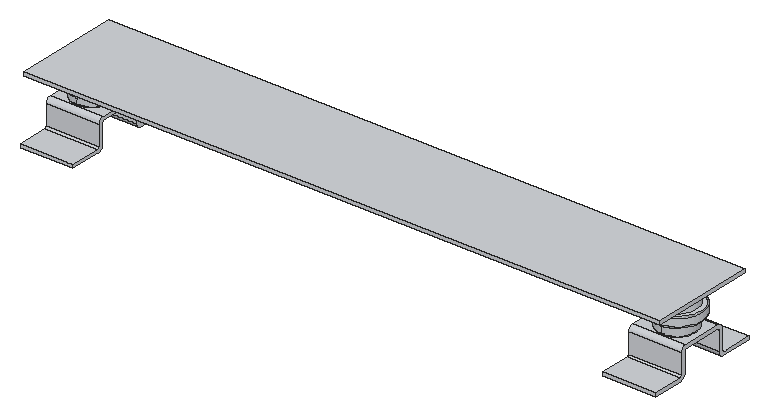
Revit family "Ground Bar", category Generic Models, host Face, Revit 2017
Family settings
  Host = Face
  Can host rebar = No
  Round Connector Dimension = Use Diameter
  Part Type = Normal
  Cut with Voids When Loaded = No
  Shared = No
  Room Calculation Point = No
Parameters
  Thickness [instance] = 0' - 0 1/8"
  Width [instance] = 2' - 0"
  Mounting Hardware [instance] = ""
  Lug Spacing [instance] = 0' - 2"
  Lug Count [instance] = Width / 0' 2" - 1  # 11
  Edge to Lug [instance] = 0' - 2"
  Distance Off Wall [instance] = 0' - 2.3528"
  Distance Between Lugs [instance] = 0' - 2"
  Depth [instance] = 0' - 4"
  Default Elevation = 4' - 0"
  Catalog # [instance] = ""
Reference planes (in)
  plane 1 "Center (Front/Back)": y = 0
  plane 2: z = 0
  plane 3 "Center (Left/Right)": x = 0
  plane 4: x = -12
  plane 5: x = 12
  plane 6: y = 2
  plane 7: y = -2
  plane 8: z = 2.4778
  plane 9: z = 2.3528
  plane 10: x = -10
  plane 11: x = -8
  plane 12: x = -6
  plane 13: x = -4
  plane 14: x = -2
  plane 15: x = 0
  plane 16: x = 2
  plane 17: x = 4
  plane 18: x = 6
  plane 19: x = 8
  plane 20: x = 10
  plane 21: x = -11.05977
  plane 22: x = -10
  plane 23: x = 11.05977
  plane 24: x = 10
Forms (in)
  Extrusion 1, solid
    sketch origin (0, 101, 2.3528) x (0, 1, 0) y (-1, 0, 0)
      loop
        line (-99, 12) -> (-103, 12) -> (-103, -12) -> (-99, -12) -> (-99, 12)
    from 0 to 0.125
  Revolve 2, solid
    sketch origin (-11.05977, 4.95402, 48) x (0, 1, 0) y (0, 0, 1)
      loop
        line (-5.69402, -46.073) -> (-5.87532, -46.073)
        arc (-5.87532, -46.073) -> (-5.89425, -46.08392) -> (-5.89425, -46.10577) r 0.02185
        line (-5.89425, -46.10577) -> (-5.89425, -46.40473)
        arc (-5.89425, -46.40473) -> (-5.88765, -46.42065) -> (-5.87173, -46.42724) r 0.02251
        line (-5.87173, -46.42724) -> (-5.69393, -46.42724) -> (-5.66086, -46.86277)
        arc (-5.66086, -46.86277) -> (-5.64722, -46.87261) -> (-5.63058, -46.875) r 0.03518
        line (-5.63058, -46.875) -> (-4.95402, -46.875) -> (-4.95402, -45.625) -> (-5.63949, -45.625)
        arc (-5.63949, -45.625) -> (-5.65518, -45.6315) -> (-5.66168, -45.6472) r 0.0222
        line (-5.66168, -45.6472) -> (-5.69402, -46.073)
      axis (-4.95402, -45.625) -> (-4.95402, -46.875)
    angle from 0 to 360
  Extrusion 3, solid
    sketch origin (0, 0, 2.375) x (0, 1, 0) y (0, 0, 1)
      loop
        arc (0.82815, -2.1875) -> (0.88307, -2.32008) -> (1.01565, -2.375) r 0.1875
        line (1.01565, -2.375) -> (2.18755, -2.375) -> (2.18755, -2.25) -> (1.01565, -2.25)
        arc (1.01565, -2.25) -> (0.97146, -2.23169) -> (0.95315, -2.1875) r 0.0625
        line (0.95315, -2.1875) -> (0.95315, -1.4375)
        arc (0.95315, -1.4375) -> (0.89823, -1.30492) -> (0.76565, -1.25) r 0.1875
        line (0.76565, -1.25) -> (-0.76565, -1.25)
        arc (-0.76565, -1.25) -> (-0.89823, -1.30492) -> (-0.95315, -1.4375) r 0.1875
        line (-0.95315, -1.4375) -> (-0.95315, -2.1875)
        arc (-0.95315, -2.1875) -> (-0.97146, -2.23169) -> (-1.01565, -2.25) r 0.0625
        line (-1.01565, -2.25) -> (-2.18755, -2.25) -> (-2.18755, -2.375) -> (-1.01565, -2.375)
        arc (-1.01565, -2.375) -> (-0.88307, -2.32008) -> (-0.82815, -2.1875) r 0.1875
        line (-0.82815, -2.1875) -> (-0.82815, -1.4375)
        arc (-0.82815, -1.4375) -> (-0.80984, -1.39331) -> (-0.76565, -1.375) r 0.0625
        line (-0.76565, -1.375) -> (0.76565, -1.375)
        arc (0.76565, -1.375) -> (0.80984, -1.39331) -> (0.82815, -1.4375) r 0.0625
        line (0.82815, -1.4375) -> (0.82815, -2.1875)
    from -12 to -10
  Revolve 4, solid
    sketch origin (11.05977, 4.95402, 48) x (0, 1, 0) y (0, 0, 1)
      loop
        line (-5.69402, -46.073) -> (-5.87532, -46.073)
        arc (-5.87532, -46.073) -> (-5.89425, -46.08392) -> (-5.89425, -46.10577) r 0.02185
        line (-5.89425, -46.10577) -> (-5.89425, -46.40473)
        arc (-5.89425, -46.40473) -> (-5.88765, -46.42065) -> (-5.87173, -46.42724) r 0.02251
        line (-5.87173, -46.42724) -> (-5.69393, -46.42724) -> (-5.66086, -46.86277)
        arc (-5.66086, -46.86277) -> (-5.64722, -46.87261) -> (-5.63058, -46.875) r 0.03518
        line (-5.63058, -46.875) -> (-4.95402, -46.875) -> (-4.95402, -45.625) -> (-5.63949, -45.625)
        arc (-5.63949, -45.625) -> (-5.65518, -45.6315) -> (-5.66168, -45.6472) r 0.0222
        line (-5.66168, -45.6472) -> (-5.69402, -46.073)
      axis (-4.95402, -45.625) -> (-4.95402, -46.875)
    angle from 0 to 360
  Extrusion 5, solid
    sketch origin (11.05977, 4.95402, 48) x (0, 1, 0) y (0, 0, -1)
      loop
        line (-4.12587, 47.8125) -> (-4.12587, 47.0625)
        arc (-4.12587, 47.0625) -> (-4.14417, 47.01831) -> (-4.18837, 47) r 0.0625
        line (-4.18837, 47) -> (-5.71967, 47)
        arc (-5.71967, 47) -> (-5.76386, 47.01831) -> (-5.78217, 47.0625) r 0.0625
        line (-5.78217, 47.0625) -> (-5.78217, 47.8125)
        arc (-5.78217, 47.8125) -> (-5.83709, 47.94508) -> (-5.96967, 48) r 0.1875
        line (-5.96967, 48) -> (-7.14157, 48) -> (-7.14157, 47.875) -> (-5.96967, 47.875)
        arc (-5.96967, 47.875) -> (-5.92547, 47.85669) -> (-5.90717, 47.8125) r 0.0625
        line (-5.90717, 47.8125) -> (-5.90717, 47.0625)
        arc (-5.90717, 47.0625) -> (-5.85225, 46.92992) -> (-5.71967, 46.875) r 0.1875
        line (-5.71967, 46.875) -> (-4.18837, 46.875)
        arc (-4.18837, 46.875) -> (-4.05579, 46.92992) -> (-4.00087, 47.0625) r 0.1875
        line (-4.00087, 47.0625) -> (-4.00087, 47.8125)
        arc (-4.00087, 47.8125) -> (-3.98256, 47.85669) -> (-3.93837, 47.875) r 0.0625
        line (-3.93837, 47.875) -> (-2.76647, 47.875) -> (-2.76647, 48) -> (-3.93837, 48)
        arc (-3.93837, 48) -> (-4.07095, 47.94508) -> (-4.12587, 47.8125) r 0.1875
    from -0.94023 to 1.05977
Lines and regions (in)
  model lines
    curve 1: circle (-10, 0.5, 2.4778) r 0.21875 normal (0, 0, 1)
    curve 2: circle (-10, -0.5, 2.4778) r 0.21875 normal (0, 0, -1)
    curve 3: circle (-8, 0.5, 2.4778) r 0.21875 normal (0, 0, 1)
    curve 4: circle (-8, -0.5, 2.4778) r 0.21875 normal (0, 0, -1)
    curve 5: circle (-6, 0.5, 2.4778) r 0.21875 normal (0, 0, 1)
    curve 6: circle (-6, -0.5, 2.4778) r 0.21875 normal (0, 0, -1)
    curve 7: circle (-4, 0.5, 2.4778) r 0.21875 normal (0, 0, 1)
    curve 8: circle (-4, -0.5, 2.4778) r 0.21875 normal (0, 0, -1)
    curve 9: circle (-2, 0.5, 2.4778) r 0.21875 normal (0, 0, 1)
    curve 10: circle (-2, -0.5, 2.4778) r 0.21875 normal (0, 0, -1)
    curve 11: circle (0, 0.5, 2.4778) r 0.21875 normal (0, 0, 1)
    curve 12: circle (0, -0.5, 2.4778) r 0.21875 normal (0, 0, -1)
    curve 13: circle (2, 0.5, 2.4778) r 0.21875 normal (0, 0, 1)
    curve 14: circle (2, -0.5, 2.4778) r 0.21875 normal (0, 0, -1)
    curve 15: circle (4, 0.5, 2.4778) r 0.21875 normal (0, 0, 1)
    curve 16: circle (4, -0.5, 2.4778) r 0.21875 normal (0, 0, -1)
    curve 17: circle (6, 0.5, 2.4778) r 0.21875 normal (0, 0, 1)
    curve 18: circle (6, -0.5, 2.4778) r 0.21875 normal (0, 0, -1)
    curve 19: circle (8, 0.5, 2.4778) r 0.21875 normal (0, 0, 1)
    curve 20: circle (8, -0.5, 2.4778) r 0.21875 normal (0, 0, -1)
    curve 21: circle (10, 0.5, 2.4778) r 0.21875 normal (0, 0, 1)
    curve 22: circle (10, -0.5, 2.4778) r 0.21875 normal (0, 0, -1)
Dimensions and locks (in)
  equal spacing: plane 4, plane 3 "Center (Left/Right)", plane 5
  equal spacing: plane 7, plane 1 "Center (Front/Back)", plane 6
  "Depth": plane 7 to plane 6
  "Width": plane 4 to plane 5
  "Thickness": plane 8 to plane 9
  "Distance Off Wall": plane 9 to host face
  equal spacing: group 1, group 2, group 3, group 4, group 5, group 6, group 7, group 8, group 9, group 10, group 11  (x3)
  "Edge to Lug": Extrusion 1 to plane 10
  "Distance Between Lugs": plane 10 to plane 11
  locked: plane 4 to plane 21 at 0.94023
  locked: plane 4 to plane 22 at 2
  locked: plane 24 to plane 5 at 2
  locked: plane 23 to plane 5 at 0.94023
  aligned and locked: plane 2 to host face
  aligned and locked: level to host face
  aligned and locked: plane 6 to Extrusion 1 sketch curve
  aligned and locked: plane 4 to Extrusion 1 sketch curve
  aligned and locked: Extrusion 1 sketch curve to plane 7
  aligned and locked: Extrusion 1 sketch curve to plane 5
  aligned and locked: plane 8 to Extrusion 1
  aligned and locked: Extrusion 1 to plane 9
  aligned and locked: Extrusion 3 to plane 4
  aligned and locked: plane 22 to Extrusion 3
  aligned and locked: plane 24 to Extrusion 5
  aligned and locked: plane 5 to Extrusion 5
Automatic sketch dimensions
  curve 8 to curve 7 = 0' - 1"
  curve 7 to curve 8 = 0' - 0"
  curve 2 to curve 1 = 0' - 1"
  curve 1 to curve 2 = 0' - 0"
  curve 4 to curve 3 = 0' - 1"
  curve 3 to curve 4 = 0' - 0"
  curve 6 to curve 5 = 0' - 1"
  curve 5 to curve 6 = 0' - 0"
  curve 10 to curve 9 = 0' - 1"
  curve 9 to curve 10 = 0' - 0"
  curve 12 to curve 11 = 0' - 1"
  curve 11 to curve 12 = 0' - 0"
  curve 14 to curve 13 = 0' - 1"
  curve 13 to curve 14 = 0' - 0"
  curve 16 to curve 15 = 0' - 1"
  curve 15 to curve 16 = 0' - 0"
  curve 18 to curve 17 = 0' - 1"
  curve 17 to curve 18 = 0' - 0"
  curve 20 to curve 19 = 0' - 1"
  curve 19 to curve 20 = 0' - 0"
  curve 22 to curve 21 = 0' - 1"
  curve 21 to curve 22 = 0' - 0"
  host sketch curve to host sketch curve = 8' - 0"  (x2)
  Revolve 2 sketch curve to plane 9 = 0' - 0"
  Revolve 2 sketch curve to plane 1 "Center (Front/Back)" = 0' - 0"  (x2)
  Revolve 2 sketch curve to Revolve 2 sketch curve = 0' - 0.67656"
  Revolve 2 sketch curve to Revolve 2 sketch curve = 0' - 0.00346"
  plane 1 "Center (Front/Back)" to Revolve 2 sketch curve = 0' - 0.68547"
  Revolve 2 sketch curve to Revolve 2 sketch curve = 0' - 0.03027"
  Revolve 2 sketch curve to Revolve 2 sketch curve = 0' - 0.0222"
  Revolve 2 sketch curve to Revolve 2 sketch curve = 0' - 0.05989"
  Revolve 2 sketch curve to Revolve 2 sketch curve = 0' - 0.00009"
  Revolve 2 sketch curve to Revolve 2 sketch curve = 0' - 0.1778"
  Revolve 2 sketch curve to Revolve 2 sketch curve = 0' - 0.18131"
  Revolve 2 sketch curve to Revolve 2 sketch curve = 0' - 0.01892"
  Revolve 2 sketch curve to plane 9 = 0' - 0.4258"
  Revolve 2 sketch curve to Revolve 2 sketch curve = 0' - 0.02185"
  Revolve 2 sketch curve to Revolve 2 sketch curve = 0' - 0.29895"
  Revolve 2 sketch curve to Revolve 2 sketch curve = 0' - 0.41275"
  Revolve 2 sketch curve to Revolve 2 sketch curve = 0' - 0.02278"
  Revolve 2 sketch curve to level = 1' - 9 5/8"
  plane 8 to Revolve 2 sketch curve = 7' - 8.17305"
  Extrusion 3 sketch curve to Extrusion 3 sketch curve = 0' - 0"  (x8)
  Extrusion 3 sketch curve to level = 0' - 0"  (x2)
  plane 7 to Extrusion 3 sketch curve = 0' - 0.18755"
  level to Extrusion 3 sketch curve = 0' - 0 3/16"
  Extrusion 3 sketch curve to plane 7 = 0' - 0.98435"
  Extrusion 3 sketch curve to Extrusion 3 sketch curve = 0' - 0 1/8"
  Extrusion 3 sketch curve to Extrusion 3 sketch curve = 0' - 0 1/16"  (x3)
  Extrusion 3 sketch curve to plane 1 "Center (Front/Back)" = 0' - 0.76565"
  Extrusion 3 sketch curve to plane 6 = 0' - 0.18755"
  Extrusion 3 sketch curve to Extrusion 3 sketch curve = 0' - 0 3/4"
  Revolve 4 sketch curve to plane 9 = 0' - 0"
  Revolve 4 sketch curve to plane 1 "Center (Front/Back)" = 0' - 0"  (x2)
  Revolve 4 sketch curve to Revolve 4 sketch curve = 0' - 0.67656"
  Revolve 4 sketch curve to Revolve 4 sketch curve = 0' - 0.00346"
  Revolve 4 sketch curve to plane 1 "Center (Front/Back)" = 0' - 0.68547"
  Revolve 4 sketch curve to Revolve 4 sketch curve = 0' - 0.03027"
  Revolve 4 sketch curve to Revolve 4 sketch curve = 0' - 0.0222"
  Revolve 4 sketch curve to Revolve 4 sketch curve = 0' - 0.05989"
  Revolve 4 sketch curve to Revolve 4 sketch curve = 0' - 0.00009"
  Revolve 4 sketch curve to Revolve 4 sketch curve = 0' - 0.1778"
  Revolve 4 sketch curve to Revolve 4 sketch curve = 0' - 0.18131"
  Revolve 4 sketch curve to Revolve 4 sketch curve = 0' - 0.01892"
  plane 9 to Revolve 4 sketch curve = 0' - 0.4258"
  Revolve 4 sketch curve to Revolve 4 sketch curve = 0' - 0.02185"
  Revolve 4 sketch curve to Revolve 4 sketch curve = 0' - 0.29895"
  Revolve 4 sketch curve to Revolve 4 sketch curve = 0' - 0.41275"
  Revolve 4 sketch curve to Revolve 4 sketch curve = 0' - 0.02278"
  level to Revolve 4 sketch curve = 1' - 9 5/8"
  Revolve 4 sketch curve to plane 8 = 7' - 8.17305"
  Extrusion 5 sketch curve to Extrusion 5 sketch curve = 0' - 0"  (x8)
  Extrusion 5 sketch curve to level = 0' - 0"  (x2)
  Extrusion 5 sketch curve to plane 7 = 0' - 0.18755"
  Extrusion 5 sketch curve to level = 0' - 0 3/16"
  plane 7 to Extrusion 5 sketch curve = 0' - 0.98435"
  Extrusion 5 sketch curve to Extrusion 5 sketch curve = 0' - 0 1/8"
  Extrusion 5 sketch curve to Extrusion 5 sketch curve = 0' - 0 1/16"  (x3)
  plane 1 "Center (Front/Back)" to Extrusion 5 sketch curve = 0' - 0.76565"
  plane 6 to Extrusion 5 sketch curve = 0' - 0.18755"
  Extrusion 5 sketch curve to Extrusion 5 sketch curve = 0' - 0 3/4"
  radius of curve 8 = 0' - 0 7/32"
  radius of curve 7 = 0' - 0 7/32"
  radius of curve 2 = 0' - 0 7/32"
  radius of curve 1 = 0' - 0 7/32"
  radius of curve 4 = 0' - 0 7/32"
  radius of curve 3 = 0' - 0 7/32"
  radius of curve 6 = 0' - 0 7/32"
  radius of curve 5 = 0' - 0 7/32"
  radius of curve 10 = 0' - 0 7/32"
  radius of curve 9 = 0' - 0 7/32"
  radius of curve 12 = 0' - 0 7/32"
  radius of curve 11 = 0' - 0 7/32"
  radius of curve 14 = 0' - 0 7/32"
  radius of curve 13 = 0' - 0 7/32"
  radius of curve 16 = 0' - 0 7/32"
  radius of curve 15 = 0' - 0 7/32"
  radius of curve 18 = 0' - 0 7/32"
  radius of curve 17 = 0' - 0 7/32"
  radius of curve 20 = 0' - 0 7/32"
  radius of curve 19 = 0' - 0 7/32"
  radius of curve 22 = 0' - 0 7/32"
  radius of curve 21 = 0' - 0 7/32"
